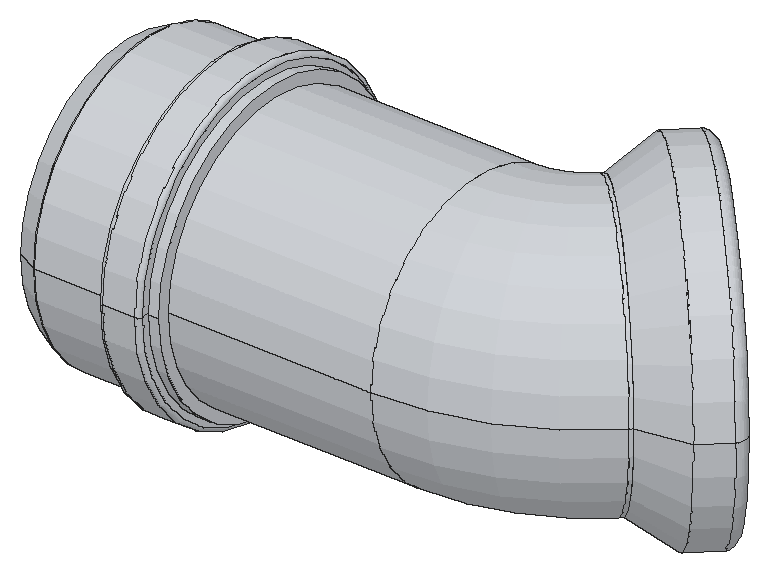
Revit family "RAUPIANO PLUS Closet Bend", category Pipe Fittings, Revit 2012
Parameters (values of type "Standard")
  z2x [instance] = z - Center to End  # 37.39 mm
  z [instance] = size_lookup(Lookup Table Name, "z", 0 mm, Nominal Diameter, alpha)  # 61 mm
  w [instance] = alpha  # 45.00°
  tmin [instance] = size_lookup("RAUPIANO Pipe.csv", "tmin", 0 mm, Nominal Diameter)  # 55.6 mm
  re [instance] = de / 2  # 55 mm
  e [instance] = size_lookup("RAUPIANO Pipe.csv", "e", 0 mm, Nominal Diameter)  # 2.7 mm
  de [instance] = size_lookup("RAUPIANO Pipe.csv", "de", 0 mm, Nominal Diameter)  # 110 mm
  bminx2 [instance] = bmin * 2  # 9 mm
  a2 [instance] = a - (z * cos(alpha))  # 161.866 mm
  b [instance] = size_lookup(Lookup Table Name, "b", 0 mm, Nominal Diameter, alpha)  # 135 mm
  a [instance] = size_lookup(Lookup Table Name, "a", 0 mm, Nominal Diameter, alpha)  # 205 mm
  Type Comments = "RAU-PP; Push-fit; White"  # constant formula
  Thermal expansion coefficient [instance] = "0,09 mm/m.K"  # constant formula
  Temperature resistance [instance] = "90°C (continuous), 95°C (short term)"  # constant formula
  T4 = "DN 110 - 90 degree"
  T3 = "DN 110 - 45 degree"
  T2 = "DN 110 - 22 degree"
  T1 = "DN 90 - 90 degree"
  Spec Text [instance] = if(and(D = 90 mm, w = 90.00°), T1, if(and(D = 110 mm, w = 22.00°), T2, if(and(D = 110 mm, w = 45.00°), T3, if(and(D = 110 mm, w = 90.00°), T4, Fail))))  # "DN 110 - 45 degree"
  Rad 2 [instance] = Rad 1 - LC3  # 63 mm
  Rad 1 [instance] = 135 mm / 2  # 67.5 mm
  Pressure resistance [instance] = "1 bar (100 kPa, 10m)"  # constant formula
  Materialcode SAP [instance] = if(and(D = 90 mm, w = 90.00°), M1, if(and(D = 110 mm, w = 22.00°), M2, if(and(D = 110 mm, w = 45.00°), M3, if(and(D = 110 mm, w = 90.00°), M4, Fail))))  # "11216141001"
  Manufacturer = "REHAU"  # constant formula
  M4 = "11216241001"
  M3 = "11216141001"
  M2 = "11216041001"
  M1 = "11229241001"
  LC3 [instance] = LC2 * 0.25  # 4.5 mm
  LC2 [instance] = 36 mm / 2  # 18 mm
  LC1 [instance] = 36 mm / 2  # 18 mm
  Health and environmental impact [instance] = "Halogen-free (no F, Cl, Br, J) and 100% recyclable"  # constant formula
  Fire load [instance] = "14.992 kJ/kg"  # constant formula
  Fire behaviour [instance] = "B2 (DIN 4102); D,S3-d0 (EN 13501-1)"  # constant formula
  Fail = "No article found"
  Description = "REHAU RAUPIANO PLUS closet bend"  # constant formula
  D [instance] = Nominal Diameter  # 110 mm
  Class [instance] = "SN4"  # constant formula
  Chemical resistance [instance] = "pH 2 - 12"  # constant formula
  Belt thickness [instance] = ((Dmax / 2) - Sleeve Radius 1)  # 4.5 mm
  bmin [instance] = size_lookup("RAUPIANO Pipe.csv", "bmin", 0 mm, Nominal Diameter)  # 4.5 mm
  Sleeve Radius 1 [instance] = (Dmax + de) / 4  # 59.5 mm
  Sleeve Length 1 [instance] = tmin + bmin  # 60.1 mm
  Nominal Radius [instance] = 55 mm
  Nominal Diameter [instance] = Nominal Radius * 2  # 110 mm
  Loss Method = K Coefficient from Table
  Lookup Table Name = "RAUPIANO Closet Bend.csv"
  K Coefficient Table = "Regular 45, 90 and 180 Elbow"
  Dmax [instance] = size_lookup("RAUPIANO Pipe.csv", "Dmax", 0 mm, Nominal Diameter)  # 128 mm
  Center to End [instance] = Center Radius * tan(alpha / 2)  # 23.61 mm
  Center Radius [instance] = re + 2 mm  # 57 mm
  alpha [instance] = 45.00°
  Belt Radius 1 [instance] = ((Dmax / 2) - Sleeve Radius 1) / 2.5  # 1.8 mm
  Belt Length 1 [instance] = 3 / 10 * tmin  # 16.68 mm
  Article No [instance] = if(and(D = 90 mm, w = 90.00°), A1, if(and(D = 110 mm, w = 22.00°), A2, if(and(D = 110 mm, w = 45.00°), A3, if(and(D = 110 mm, w = 90.00°), A4, Fail))))  # "121614-001"
  Application [instance] = "Not to be exposed to UV-radiation"  # constant formula
  Acoustic properties [instance] = "Rw + Ctr 42 (with industry standard suspended ceiling)"  # constant formula
  A4 = "121624-001"
  A3 = "121614-001"
  A2 = "121604-001"
  A1 = "122924-001"
Reference planes
  plane 1 "Center (Front/Back)": y = 0
  plane 2: z = 0
  plane 3 "Center (Left/Right)": x = 0
  plane 4: x = -23.61
  plane 5: y = 57
  plane 6: x = -157.366
  plane 7: x = -161.866
  plane 8: x = -166.366
  plane 9: x = -110.766
  plane 10: x = -127.446
  plane 11: x = -106.266
Forms (mm)
  Sweep 1, solid, detail levels fine
    path in 3D
      loop
        line (-157.366, 0, 0) -> (-106.266, 0, 0)
    profile origin (-131.816, 0, 0) x (0, 1, 0) y (0, 0, 1)
      loop
        circle (0, 0) r 59.5
  Sweep 2, solid, detail levels fine
    path in 3D
      loop
        arc (-23.61, 0, 0) -> (-1.797, 4.339, 0) -> (16.695, 16.695, 0) r 57
    profile origin (-1.797, 4.339, 0) x (-0.382683, 0.92388, 0) y (0, 0, 1)
      loop
        circle (0, 0) r 55
  SweptBlend 3, solid, detail levels fine
    path in 3D
      loop
        line (30.406, 30.406, 0) -> (17.678, 17.678, 0)
    profile origin (30.406, 30.406, 0) x (0.707107, -0.707107, 0) y (0, 0, 1)
      loop
        circle (0, 0) r 67.5
    end profile origin (17.678, 17.678, 0) x (0.707107, -0.707107, 0) y (0, 0, 1)
      loop
        circle (0, 0) r 55
  Sweep 4, solid, detail levels fine
    path in 3D
      loop
        line (30.406, 30.406, 0) -> (43.134, 43.134, 0)
    profile origin (36.77, 36.77, 0) x (-0.707107, 0.707107, 0) y (0, 0, 1)
      loop
        circle (0, 0) r 67.5
  SweptBlend 5, solid, detail levels fine
    path in 3D
      loop
        line (-157.366, 0, 0) -> (-166.366, 0, 0)
    profile origin (-157.366, 0, 0) x (0, -1, 0) y (0, 0, 1)
      loop
        circle (0, 0) r 59.5
    end profile origin (-166.366, 0, 0) x (0, -1, 0) y (0, 0, 1)
      loop
        circle (0, 0) r 55
  Revolve 6, solid, detail levels fine
    sketch origin (0, 0, 0) x (1, 0, 0) y (0, 1, 0)
      loop
        line (-127.446, -59.5) -> (-127.446, -62.2)
        arc (-127.446, -62.2) -> (-126.919, -63.473) -> (-125.646, -64) r 1.8
        line (-125.646, -64) -> (-112.566, -64)
        arc (-112.566, -64) -> (-111.294, -63.473) -> (-110.766, -62.2) r 1.8
        line (-110.766, -62.2) -> (-110.766, -59.5) -> (-127.446, -59.5)
      axis (-110.766, 0) -> (-127.446, 0)
    angle from 0 to 360
  Extrusion 7, solid, detail levels fine
    sketch origin (-23.61, 1524, 1219.2) x (0, 1, 0) y (0, 0, 1)
      loop
        circle (-1524, -1219.2) r 55
    from 0 to -82.656
  Sweep 8, solid, detail levels fine
    path in 3D
      loop
        line (16.695, 16.695, 0) -> (17.678, 17.678, 0)
    profile origin (17.186, 17.186, 0) x (-0.707107, 0.707107, 0) y (0, 0, 1)
      loop
        circle (0, 0) r 55
  Revolve 9, void
    sketch origin (16.695, 16.695, 0) x (0.707107, 0.707107, 0) y (-0.707107, 0.707107, 0)
      loop
        arc (37.39, -63) -> (36.072, -66.182) -> (32.89, -67.5) r 4.5
        line (32.89, -67.5) -> (32.89, -113) -> (82.89, -113) -> (82.89, -63) -> (37.39, -63)
      axis (32.89, 0) -> (82.89, 0)
    angle from 0 to 360
Cuts and joins
  Revolve 9 cuts Sweep 4
  joined: Sweep 2, Extrusion 7
Lines and regions (mm)
  reference lines
    curve 1: line (-157.366, 0, 0) -> (-106.266, 0, 0)
    curve 2: arc (-23.61, 0, 0) -> (-1.797, 4.339, 0) -> (16.695, 16.695, 0) r 57
    curve 3: line (16.695, 16.695, 0) -> (43.134, 43.134, 0)
    curve 6: line (30.406, 30.406, 0) -> (43.134, 43.134, 0)
    curve 7: line (30.406, 30.406, 0) -> (17.678, 17.678, 0)
    curve 10: line (-157.366, 0, 0) -> (-166.366, 0, 0)
    curve 17: line (16.695, 16.695, 0) -> (55.586, -22.196, 0)
    curve 18: line (16.695, 16.695, 0) -> (17.678, 17.678, 0)
    curve 20: line (-1.414, 87.681, 0) -> (87.681, -1.414, 0)
  sketch lines
    curve 4: line (-157.366, 0, 0) -> (-106.266, 0, 0)
    curve 5: arc (-23.61, 0, 0) -> (-1.797, 4.339, 0) -> (16.695, 16.695, 0) r 57
    curve 8: line (30.406, 30.406, 0) -> (17.678, 17.678, 0)
    curve 9: line (30.406, 30.406, 0) -> (43.134, 43.134, 0)
    curve 11: line (-157.366, 0, 0) -> (-166.366, 0, 0)
    curve 19: line (16.695, 16.695, 0) -> (17.678, 17.678, 0)
  model lines, style "PipeFitting", detail levels coarse+medium
    curve 12: line (-166.366, 55, 0) -> (-166.366, -55, 0)
    curve 13: line (-23.61, 0, 0) -> (-166.366, 0, 0)
    curve 14: arc (-23.61, 0, 0) -> (-1.797, 4.339, 0) -> (16.695, 16.695, 0) r 57
    curve 15: line (16.695, 16.695, 0) -> (43.134, 43.134, 0)
    curve 16: line (4.243, 82.024, 0) -> (82.024, 4.243, 0)
  model lines, style "Symbol", detail levels coarse+medium
    curve 21: line (43.134, 43.134, 55) -> (43.134, 43.134, -55)
    curve 22: line (-166.366, 0, 55) -> (-166.366, 0, -55)
Dimensions and locks
  "Center to End": plane 4 to plane 3 "Center (Left/Right)"
  "Center Radius": plane 5 to plane 1 "Center (Front/Back)"
  "tmin": plane 7 to plane 11
  "z2x": curve 3 to curve 3
  locked: plane 5 to curve 2 at 0
  locked: plane 4 to curve 2 at 0
  equal spacing: plane 8, plane 7, plane 6
  "bmin": plane 7 to plane 6
  "Belt thickness": plane 9 to plane 11
  "Belt Length 1": plane 10 to plane 9
  "Belt thickness": Revolve 6 sketch curve to Revolve 6 sketch curve
  "Sleeve Radius 1": Revolve 6 sketch curve to plane 1 "Center (Front/Back)"
  "de": curve 12 to curve 12
  equal spacing: curve 12, plane 1 "Center (Front/Back)", curve 12
  "de": curve 16 to curve 16
  equal spacing: curve 16, curve 15, curve 16
  "z2x": curve 15 to curve 15
  "a2": plane 7 to plane 3 "Center (Left/Right)"
  "LC1": curve 7 to curve 7
  "LC2": curve 6 to curve 6
  "re": curve 17 to curve 17
  equal spacing: curve 20, curve 3, curve 20
  "Rad 2": curve 20 to curve 3
  "LC3": Revolve 9 sketch curve to curve 20
  Revolve 9 sketch curve to Revolve 9 sketch curve = 50 mm  (x2)
  equal spacing: curve 21, curve 3, curve 21
  "Nominal Radius": curve 3 to curve 21
  equal spacing: curve 22, level, curve 22
  "Nominal Radius": curve 22 to level
  "Center Radius": radius of curve 2
  "Sleeve Radius 1": radius of Sweep 1 sketch curve
  "re": radius of Sweep 2 sketch curve
  "Rad 1": radius of SweptBlend 3 sketch curve
  "re": radius of SweptBlend 3 sketch curve
  "Rad 1": radius of Sweep 4 sketch curve
  "Sleeve Radius 1": radius of SweptBlend 5 sketch curve
  "re": radius of SweptBlend 5 sketch curve
  "Belt Radius 1": radius of Revolve 6 sketch curve  (x2)
  "re": radius of Extrusion 7 sketch curve
  "re": radius of Sweep 8 sketch curve
  "alpha": angle curve 2 to curve 2
  "alpha": angle plane 1 "Center (Front/Back)" to curve 3
  "alpha": angle curve 14 to curve 14
  locked: curve 15 to curve 16 (angle 90.00°)
  aligned and locked: plane 1 "Center (Front/Back)" to curve 1
  aligned and locked: plane 4 to curve 2
  aligned and locked: plane 6 to curve 10
  aligned and locked: plane 8 to curve 10
  aligned and locked: Revolve 6 sketch curve to plane 9
  aligned and locked: Revolve 6 sketch curve to plane 10
  aligned and locked: Revolve 6 sketch curve to Revolve 6 sketch curve
  aligned and locked: curve 12 to plane 8
  aligned and locked: plane 4 to curve 13
  aligned and locked: plane 1 "Center (Front/Back)" to curve 14
  aligned and locked: curve 3 to curve 15
  aligned and locked: curve 16 to curve 3
  aligned and locked: plane 11 to curve 1
  aligned and locked: Extrusion 7 to plane 11
  aligned and locked: curve 18 to curve 3
  aligned and locked: curve 20 to curve 3
  aligned and locked: curve 20 to Revolve 9 sketch curve
  aligned and locked: Revolve 9 sketch curve to curve 20
  aligned and locked: Revolve 9 sketch curve to Revolve 9 sketch curve
  aligned and locked: Revolve 9 sketch curve to curve 3
  aligned and locked: curve 21 to curve 3
  aligned and locked: curve 22 to plane 8
Automatic sketch dimensions
  Sweep 1 sketch curve to profile plane = 0 mm  (x2)
  Sweep 2 sketch curve to profile plane = 0 mm
  profile plane to Sweep 2 sketch curve = 0 mm
  SweptBlend 3 sketch curve to profile plane = 0 mm  (x4)
  Sweep 4 sketch curve to profile plane = 0 mm
  profile plane to Sweep 4 sketch curve = 0 mm
  SweptBlend 5 sketch curve to profile plane = 0 mm  (x4)
  Revolve 6 sketch curve to plane 1 "Center (Front/Back)" = 0 mm
  Revolve 6 sketch curve to plane 8 = 1428.071 mm
  plane 3 "Center (Left/Right)" to Revolve 6 sketch curve = 1524 mm
  curve 14 to plane 5 = 0 mm
  Extrusion 7 sketch curve to level = 0 mm
  Extrusion 7 sketch curve to plane 1 "Center (Front/Back)" = 0 mm
  Sweep 8 sketch curve to profile plane = 0 mm
  profile plane to Sweep 8 sketch curve = 0 mm
  curve 17 to curve 3 = 0 mm
  Revolve 9 sketch curve to curve 3 = 0 mm  (x2)
Connectors
  piping at (-166.366, 0, 0), driven by "Nominal Radius"
    settings: on SweptBlend 5, index 1, connector radius 55 mm, flow factor 0, pipe flow 0.0 L/s, pressure drop 0.0 Pa, fitting loss kfactor 0, connector angle 0.00°, fixture units 0, engagement length 0 mm, flow configuration 0, flow direction 0, fitting loss method 0, system type 28, joint type 0, gender type 0, connector reference index 2, connector utility 0, adjustable connector no, is connector primary yes, fitting loss table "", connector description ""
  piping at (43.134, 43.134, 0), driven by "alpha", driven by "Nominal Radius"
    settings: on Sweep 4, index 2, connector radius 55 mm, flow factor 0, pipe flow 0.0 L/s, pressure drop 0.0 Pa, fitting loss kfactor 0, connector angle 45.00°, fixture units 0, engagement length 0 mm, flow configuration 0, flow direction 0, fitting loss method 0, system type 28, joint type 0, gender type 0, connector reference index 1, connector utility 0, adjustable connector no, is connector primary no, fitting loss table "", connector description ""
